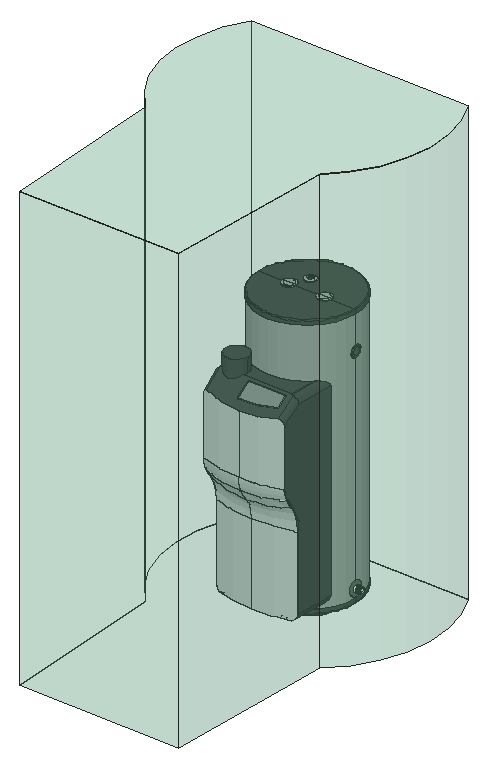
Revit family "Innovo NL_IR 24 285 NL NAT", category Mechanical Equipment, Revit 2015
Parameters (values of type "IR-24-285 NL NAT")
  Werkruimte Radius = Diameter + 170 mm  # 730 mm
  Werkruimte Hoogte = Hoogte + 1000 mm  # 2545 mm
  Werkruimte Afstand Voor = 1000 mm
  Werkruimte [instance] = yes
  Voorzorgsmaatregelen tijdens montage, installatie of onderhoud = "zie Gebruikers, Installatie, Service en Onderhouds handleiding"  # constant formula
  Voltage = 230 V  # constant formula
  Verpakkingslengte = 946 mm  # constant formula
  Verpakkingshoogte = 1695 mm
  Verpakkingsbreedte = 786 mm  # constant formula
  Uitsluitend werkend in daluren = no
  Type aanduiding = "IR-20-200"
  Transportgewicht = 122 kg
  Totaal Gewicht = 322 kg
  Stilstandsverlies - dagelijks (24u) = 0 W
  Stilstandsverlies = 0 W
  Standaard Afgesteld op = "G30/G31"
  Stand Regelthermostaat = 65 °C  # constant formula
  Soort Verpakking = "Karton en Hout"  # constant formula
  Slimme controlefunctie = no
  Setpoint thermostaat = 65 °C  # constant formula
  Seizoens Rendement (Hs) = [Rendement (Hs, vlgs. NEN-EN 89 - 1999)]  # 95
  Rendement (Hs, vlgs. NEN-EN 89 - 1999) = 95
  Rendement (Hi, vlgs. NEN-EN 89 - 1999) = 106
  Produktspecificaties Link = ""
  Produkthandleiding Link = ""
  Produkt Model Nummer (EAN-nummer) = "8717449283919"
  Onderhoudsinterval = "12 maanden"  # constant formula
  Nominale Belasting (Onderwaarde) = "20500.0/18000.0"
  Nominale Belasting (Bovenwaarde) = "21200.0/19600.0"
  Nominaal Vermogen = "21200.0/18700.0"
  NOx-uitstoot mg/kWh = "64.0/30.0"
  NOx-uitstoot (lucht vrij, 0% O2) ppm = "39.0/18.0"
  Min. Stand Regelthermostaat = 40 °C  # constant formula
  Max. Werkdruk = 800000.0 Pa
  Max. Stand Regelthermostaat = 85 °C  # constant formula
  Max. Rookgastemperatuur = 61 °C
  Ledig Gewicht = 106 kg
  Kraan Hoogte 02 = if(and(Hoogte = 1745 mm, Diameter = 675 mm), 1518 mm, if(and(Hoogte = 1745 mm, Diameter = 610 mm), 1534 mm, if(Hoogte = 1545 mm, 1328 mm, 1070 mm)))  # 1328 mm
  Kraan Hoogte 01 = if(and(Diameter > 560 mm), 693 mm, 604 mm)  # 604 mm
  Uitschakeldruk LDS < = 115.0 Pa
  URL = "www.aosmith.nl"
  Tapcapaciteit bij ΔT = 70°C  na 90 min. = 490.0 L
  Tapcapaciteit bij ΔT = 70°C  na 60 min. = 370.0 L
  Tapcapaciteit bij ΔT = 70°C  na 30 min. = 250.0 L
  Tapcapaciteit bij ΔT = 70°C  na 120 min. = 610.0 L
  Tapcapaciteit bij ΔT = 55°C  na 90 min. = 640.0 L
  Tapcapaciteit bij ΔT = 55°C  na 60 min. = 490.0 L
  Tapcapaciteit bij ΔT = 55°C  na 30 min. = 340.0 L
  Tapcapaciteit bij ΔT = 55°C  na 120 min. = 790.0 L
  Tapcapaciteit bij ΔT = 50°C  na 90 min. = 710.0 L
  Tapcapaciteit bij ΔT = 50°C  na 60 min. = 540.0 L
  Tapcapaciteit bij ΔT = 50°C  na 30 min. = 380.0 L
  Tapcapaciteit bij ΔT = 50°C na 120 min. = 870.0 L
  Tapcapaciteit bij ΔT = 44°C na 120 min. = 810.0 L
  Tapcapaciteit bij ΔT = 44°C  na 90 min. = 620.0 L
  Tapcapaciteit bij ΔT = 44°C  na 60 min. = 430.0 L
  Tapcapaciteit bij ΔT = 44°C  na 30 min. = 990.0 L
  Tapcapaciteit bij ΔT = 28°C na 90 min. = 1300.0 L
  Tapcapaciteit bij ΔT = 28°C na 60 min. = 990.0 L
  Tapcapaciteit bij ΔT = 28°C na 30 min. = 700.0 L
  Tapcapaciteit bij ΔT = 28°C na 120 min. = 1600.0 L
  Tapcapaciteit Continu bij ΔT = 70°C = 240.0 L/s
  Tapcapaciteit Continu bij ΔT = 55°C = 300.0 L/s
  Tapcapaciteit Continu bij ΔT = 50°C = 330.0 L/s
  Tapcapaciteit Continu bij ΔT = 44°C = 380.0 L/s
  Tapcapaciteit Continu bij ΔT = 28°C = 590.0 L/s
  Opwarmtijd bij ΔT = 70°C = "42"
  Opwarmtijd bij ΔT = 55°C = "33"
  Opwarmtijd bij ΔT = 50°C = "30"
  Opwarmtijd bij ΔT = 44°C = "27"
  Opwarmtijd bij ΔT = 28°C = "17"
  Model = "IR-20-200 NL LP"
  Manufacturer = "A.O. Smith Water Products Company b.v."  # constant formula
  Length = 780 mm  # constant formula
  Jaarlijks elektriciteitsverbruik (2) = "42 kWh"
  Jaarlijks elektriciteitsverbruik (1) = "40 kWh"
  Jaarlijks brandstofverbruik (2) = "21 GJ GCV"
  Jaarlijks brandstofverbruik (1) = "16 GJ GCV"
  Isolatiedikte = 50 mm
  Installatie Typen = "B23/C13/C33/C43/C53/C63"  # constant formula
  Inhoud = 200.0 L
  Hoogte Warm Water Uitlaat = 1545 mm
  Hoogte Rookgasafvoer = 1305 mm
  Hoogte Lucht Inlaat = 1305 mm
  Hoogte Koud Water Inlaat = 170 mm
  Hoogte Gas Aansluiting = 860 mm
  Hoogte = 1545 mm
  Handelsmerk = "A.O. Smith"  # constant formula
  Geluidsniveau dB (A) = "<45"  # constant formula
  Geluidsniveau binnen = "52 dB"
  Gasverbruik - Volume ltr/hr = "n.v.t."
  Gasverbruik - Massa kg/h = "1.60/1.40"
  Gascategorie = "II2EK3B/P"  # constant formula
  Gas Voordruk = 5000.0 Pa
  Gas Aansluiting = 15"  # constant formula
  Garrantie op Tank = "36 maanden"  # constant formula
  Garrantie op Onderdelen = "12 maanden"  # constant formula
  Frequentie = 50 Hz  # constant formula
  Fase = 1
  Fabrikantnummer = "E 7110"  # constant formula
  Energie-efficiëntieklasse voor waterverwarming (2) = "A"
  Energie-efficiëntieklasse voor waterverwarming (1) = "A"  # constant formula
  Energie-efficiëntie voor waterverwarming (2) = "90%"
  Energie-efficiëntie voor waterverwarming (1) = "91%"
  Elektrisch Vermogen (piek) = 85 W
  Elektrisch Vermogen (nominaal) = 36 W
  Diameter Schoorsteen - parallel systeem = "2x80"  # constant formula
  Diameter Schoorsteen - concentrisch systeem = "80/125 mm/mm"  # constant formula
  Diameter Schoorsteen - boiler = "80/125 mm/mm"  # constant formula
  Diameter = 560 mm
  Description = "Condenserende Hoog Rendementsboiler"  # constant formula
  Created By = "http://www.cadcompany.nl/"
  Capaciteitsprofiel = "XL"
  CO2-uitstoot (tol. +/- 1.0) vol% = "11.8/10.0"
  CE-PIN = "0063CQ3037"  # constant formula
  Breedte = Diameter  # 560 mm
  Bestemming / Land = "Nederland"  # constant formula
  BIM Content Developer = "CAD & Company"  # constant formula
  Assembly Code = "D3010"
  Ander capaciteitsprofiel = "XXL"
  Aansluiting Warm Water = 3/4"
  Aansluiting T&P = 3/4"
  Aansluiting Koud Water = 3/4"  # constant formula
  Aansluiting Condensafvoer = 40 mm  # constant formula
  Aansluiting Aftapkraan = 3/4"  # constant formula
  2e Onderhoud (algeheel onderhoud) = "12 maanden na installatie"  # constant formula
  1e Onderhoud (check-up) = "3 maanden na installatie"  # constant formula
Reference planes
  plane 1 "Center (Front/Back)": y = 0
  plane 2: z = 0
  plane 3 "Center (Left/Right)": x = 0
  plane 4 "Pipe": through (-383.901, 912.349, 194.799) normal (-0.0879, -0.0879, 0.9923)
  plane 5 "footing": y = 118.925
  plane 6 "footing front": y = -237.85
  plane 7: x = -280
  plane 8: x = 280
  plane 9: z = 1545
Forms (mm)
  Revolve 1, solid, material "RAL 9005", detail levels medium+fine
    sketch origin (0, -237.85, 0) x (-1, 0, 0) y (0, 0, 1)
      loop
        line (0, 28.9) -> (-15, 28.9) -> (-15, 26.4) -> (-8.671, 26.4) -> (-8.671, 18) -> (-5.686, 18) -> (-6.626, 17.06) -> (-6.626, 12.06) -> (-8.671, 12.06) -> (-8.671, 10) -> (-10.031, 10) -> (-23.271, 5.181)
        arc (-23.271, 5.181) -> (-23.763, 4.836) -> (-24.017, 4.293) r 1.159
        line (-24.017, 4.293) -> (-24.017, 1.03)
        arc (-24.017, 1.03) -> (-23.715, 0.302) -> (-22.986, 0) r 1.03
        line (-22.986, 0) -> (0, 0) -> (0, 28.9)
      axis (0, 28.9) -> (0, 0)
    angle from 0 to 360
  Revolve 2, solid, material "RAL 9005", detail levels medium+fine
    sketch origin (0, 118.925, 0) x (-1, 0, 0) y (0, 0, 1)
      loop
        line (-180.984, 28.9) -> (-195.984, 28.9) -> (-195.984, 26.4) -> (-189.655, 26.4) -> (-189.655, 18) -> (-186.67, 18) -> (-187.61, 17.06) -> (-187.61, 12.06) -> (-189.655, 12.06) -> (-189.655, 10) -> (-191.015, 10) -> (-204.256, 5.181)
        arc (-204.256, 5.181) -> (-204.747, 4.836) -> (-205.001, 4.293) r 1.159
        line (-205.001, 4.293) -> (-205.001, 1.03)
        arc (-205.001, 1.03) -> (-204.699, 0.302) -> (-203.971, 0) r 1.03
        line (-203.971, 0) -> (-180.984, 0) -> (-180.984, 28.9)
      axis (-180.984, 28.9) -> (-180.984, 0)
    angle from 0 to 360
  Revolve 3, solid, material "RAL 9005", detail levels medium+fine
    sketch origin (0, 118.925, 0) x (-1, 0, 0) y (0, 0, 1)
      loop
        line (179.016, 28.9) -> (164.016, 28.9) -> (164.016, 26.4) -> (170.345, 26.4) -> (170.345, 18) -> (173.33, 18) -> (172.39, 17.06) -> (172.39, 12.06) -> (170.345, 12.06) -> (170.345, 10) -> (168.985, 10) -> (155.744, 5.181)
        arc (155.744, 5.181) -> (155.253, 4.836) -> (154.999, 4.293) r 1.159
        line (154.999, 4.293) -> (154.999, 1.03)
        arc (154.999, 1.03) -> (155.301, 0.302) -> (156.029, 0) r 1.03
        line (156.029, 0) -> (179.016, 0) -> (179.016, 28.9)
      axis (179.016, 28.9) -> (179.016, 0)
    angle from 0 to 360
Lines and regions (mm)
  symbolic lines
    curve 1: line (0, 280.06, 0) -> (0, -280.06, 0)
    curve 2: line (-255.06, 0, 0) -> (255.06, 0, 0)
  symbolic lines, style "Workspace"
    curve 3: line (623.261, 380.06, 0) -> (-623.261, 380.06, 0)
    curve 4: arc (-623.261, 380.06, 0) -> (-726.942, -66.745, 0) -> (-543.632, -487.2, 0) r 730
    curve 5: line (-543.632, -487.2, 0) -> (-396.783, -1492.825, 0)
    curve 6: line (-396.783, -1492.825, 0) -> (399.03, -1492.825, 0)
    curve 7: line (399.03, -1492.825, 0) -> (545.76, -484.816, 0)
    curve 8: arc (545.76, -484.816, 0) -> (727.087, -65.154, 0) -> (623.261, 380.06, 0) r 730
Dimensions and locks
  plane 5 "footing" to plane 1 "Center (Front/Back)" = 118.925 mm
  plane 1 "Center (Front/Back)" to plane 6 "footing front" = 237.85 mm
  "Diameter": plane 7 to plane 8
  equal spacing: plane 7, plane 3 "Center (Left/Right)", plane 8
  "Hoogte": plane 9 to plane 2
  "Werkruimte Afstand Voor": curve 6 to nested 3
  "Werkruimte Radius": radius of curve 4
  "Werkruimte Radius": radius of curve 8
  aligned and locked: level to plane 2
  aligned and locked: nested 3 to Revolve 1 sketch curve
  aligned and locked: plane 3 "Center (Left/Right)" to Revolve 1 sketch curve
  aligned and locked: nested 3 to plane 1 "Center (Front/Back)"
  aligned and locked: plane 3 "Center (Left/Right)" to nested 3
  aligned and locked: nested 1 to plane 8
  aligned and locked: nested 5 to plane 8
  aligned and locked: nested 2 to plane 7
  aligned and locked: nested 4 to plane 7
  aligned and locked: nested 7 to plane 7
  aligned and locked: nested 8 to plane 3 "Center (Left/Right)"
  aligned and locked: curve 3 to nested 8
  aligned and locked: nested 8 to nested 3
Automatic sketch dimensions
  Revolve 1 sketch curve to level = 0 mm
  plane 3 "Center (Left/Right)" to Revolve 1 sketch curve = 5.686 mm
  Revolve 1 sketch curve to Revolve 1 sketch curve = 0.94 mm  (x2)
  Revolve 1 sketch curve to Revolve 1 sketch curve = 2.046 mm  (x2)
  Revolve 1 sketch curve to Revolve 1 sketch curve = 1.359 mm
  Revolve 1 sketch curve to Revolve 1 sketch curve = 6.329 mm
  level to Revolve 1 sketch curve = 4.091 mm
  Revolve 1 sketch curve to Revolve 1 sketch curve = 12.844 mm
  level to Revolve 1 sketch curve = 1.03 mm
  Revolve 1 sketch curve to Revolve 1 sketch curve = 0.111 mm
  level to Revolve 1 sketch curve = 5.181 mm
  Revolve 1 sketch curve to Revolve 1 sketch curve = 0.745 mm
  level to Revolve 1 sketch curve = 10 mm
  Revolve 1 sketch curve to Revolve 1 sketch curve = 2.06 mm
  Revolve 1 sketch curve to Revolve 1 sketch curve = 5 mm
  Revolve 1 sketch curve to Revolve 1 sketch curve = 8.4 mm
  Revolve 1 sketch curve to Revolve 1 sketch curve = 2.5 mm
  Revolve 1 sketch curve to level = 19.635 mm
  Revolve 1 sketch curve to Revolve 1 sketch curve = 46.465 mm
  Revolve 2 sketch curve to level = 0 mm
  level to Revolve 2 sketch curve = 1.03 mm
  Revolve 2 sketch curve to plane 8 = 74.999 mm
  level to Revolve 2 sketch curve = 5.181 mm
  Revolve 2 sketch curve to Revolve 2 sketch curve = 0.745 mm
  Revolve 2 sketch curve to Revolve 2 sketch curve = 0.397 mm
  Revolve 2 sketch curve to Revolve 2 sketch curve = 8.271 mm
  Revolve 2 sketch curve to Revolve 2 sketch curve = 13.241 mm
  Revolve 2 sketch curve to Revolve 2 sketch curve = 1.359 mm
  Revolve 2 sketch curve to Revolve 2 sketch curve = 6.329 mm
  Revolve 2 sketch curve to Revolve 2 sketch curve = 2.046 mm
  level to Revolve 2 sketch curve = 18 mm
  Revolve 2 sketch curve to Revolve 2 sketch curve = 0.94 mm  (x2)
  Revolve 2 sketch curve to Revolve 2 sketch curve = 8.671 mm
  Revolve 2 sketch curve to Revolve 2 sketch curve = 1.089 mm
  Revolve 2 sketch curve to Revolve 2 sketch curve = 8 mm
  Revolve 2 sketch curve to Revolve 2 sketch curve = 2.06 mm
  Revolve 2 sketch curve to Revolve 2 sketch curve = 8.4 mm
  Revolve 2 sketch curve to Revolve 2 sketch curve = 2.5 mm
  Revolve 2 sketch curve to Revolve 2 sketch curve = 0 mm
  Revolve 2 sketch curve to level = 19.635 mm
  Revolve 2 sketch curve to Revolve 2 sketch curve = 46.465 mm
  Revolve 3 sketch curve to level = 0 mm
  level to Revolve 3 sketch curve = 1.03 mm
  Revolve 3 sketch curve to plane 7 = 125.001 mm
  level to Revolve 3 sketch curve = 5.181 mm
  Revolve 3 sketch curve to Revolve 3 sketch curve = 0.745 mm
  Revolve 3 sketch curve to Revolve 3 sketch curve = 0.397 mm
  Revolve 3 sketch curve to Revolve 3 sketch curve = 8.271 mm
  Revolve 3 sketch curve to Revolve 3 sketch curve = 13.241 mm
  Revolve 3 sketch curve to Revolve 3 sketch curve = 1.359 mm
  Revolve 3 sketch curve to Revolve 3 sketch curve = 6.329 mm
  Revolve 3 sketch curve to Revolve 3 sketch curve = 2.046 mm
  level to Revolve 3 sketch curve = 18 mm
  Revolve 3 sketch curve to Revolve 3 sketch curve = 0.94 mm  (x2)
  Revolve 3 sketch curve to Revolve 3 sketch curve = 8.671 mm
  Revolve 3 sketch curve to Revolve 3 sketch curve = 1.089 mm
  Revolve 3 sketch curve to Revolve 3 sketch curve = 8 mm
  Revolve 3 sketch curve to Revolve 3 sketch curve = 2.06 mm
  Revolve 3 sketch curve to Revolve 3 sketch curve = 8.4 mm
  Revolve 3 sketch curve to Revolve 3 sketch curve = 2.5 mm
  Revolve 3 sketch curve to Revolve 3 sketch curve = 0 mm
  Revolve 3 sketch curve to level = 19.635 mm
  Revolve 3 sketch curve to Revolve 3 sketch curve = 46.465 mm
  curve 4 to curve 8 = 0 mm  (x2)
  plane 1 "Center (Front/Back)" to curve 2 = 0 mm
  curve 1 to plane 3 "Center (Left/Right)" = 0 mm
  plane 1 "Center (Front/Back)" to curve 4 = 0 mm
  curve 4 to plane 3 "Center (Left/Right)" = 0 mm
  curve 5 to plane 6 "footing front" = 249.35 mm
  plane 7 to curve 5 = 116.783 mm
  plane 8 to curve 7 = 119.03 mm
  curve 7 to plane 6 "footing front" = 246.966 mm
  curve 2 to plane 7 = 24.94 mm
  curve 2 to plane 8 = 24.94 mm
  curve 1 to plane 6 "footing front" = 42.21 mm
  plane 5 "footing" to curve 1 = 161.135 mm
Nested families
  nested 1: "Valve" at (280, -0.38, 1328) x (0, 1, 0) z (0, 0, 1), built-in parameter 1001364 <- "Kraan Hoogte 02", type "Valve"
  nested 2: "Drain Valve" at (-280, 0, 1328), built-in parameter 1001364 <- "Kraan Hoogte 02", type "Drain Valve"
  nested 3: "Housing Mother Housing S 57 (external)" at (0, -274.886, 0), type "Housing Mother_Housing S_57"
  nested 4: "Drain Valve" at (-280, 0, 177), type "Drain Valve"
  nested 5: "Drain Valve" at (280, 0, 107) x (-1, 0, 0) z (0, 0, 1), type "Drain Valve"
  nested 6: "Boiler" at (0, 0, 0), height <- "Hoogte", type "Boiler"
    with height 1545 mm
  nested 7: "Drain Valve" at (-280, 0, 604), built-in parameter 1001364 <- "Kraan Hoogte 01", type "Drain Valve"
  nested 8: "Innovo_workspace" at (0, 0, 0), Workspace <- "Werkruimte", Workspace Distance Front <- "Werkruimte Afstand Voor", Workspace Height <- "Werkruimte Hoogte", Workspace Radius <- "Werkruimte Radius", type "Workspace"
    with Workspace Radius 730 mm, Workspace Height 2545 mm, Workspace Distance Front 1000 mm, Workspace yes, Center to Front 492.825 mm
Connectors
  piping at (314.826, 0, 107), diameter 19.05, driven by "Aansluiting Aftapkraan"
    settings: on nested 5, index 1, connector inside diameter 24", connector length 0 mm, flow factor 0, pipe flow 0.0 L/s, pressure drop 0.0 Pa, fitting loss kfactor 0, connector angle 0.00°, fixture units 0, engagement length 0 mm, angle of deflection 0.00°, flow configuration 0, flow direction 0, fitting loss method 0, system type 19, joint type 0, gender type 0, connector reference index -1, connector utility 0, adjustable connector no, is connector primary yes, connector description ""
  hvac at (-147.013, -321.326, 1310.674)
    settings: on nested 3, index 2, duct flow 0.0 L/s, flow factor 0, pres drop 0.0 Pa, loss coef 0, conn angle 0.00°, conn width 304.8 mm, conn height 304.8 mm, conn diameter 125 mm, duct sys type 4, conn prof type 0, flow config 0, flow direction 0, loss method 0, conn ref index -1, conn util no, is conn primary yes, conn desc ""
Definition of nested family "Valve"
  Parameters (values of type "Valve")
    Type Comments = "T&P valve (internal)"
    Manufacturer = "A.O. Smith"
  Reference planes
    plane 1 "Center (Front/Back)": y = 0
    plane 2: z = 0
    plane 3 "Center (Left/Right)": x = 0
  Forms (mm)
    Extrusion 1, solid, detail levels fine
      sketch origin (0, 0, 0) x (1, 0, 0) y (0, 0, 1)
        loop
          circle (0, 0) r 31.5
      from -2.271 to 1.4
    Sweep 2, solid, detail levels fine
      path origin (0, -1.4, 0) x (1, 0, 0) y (0, 0, 1)
        loop
          circle (0, 0) r 31.5
      profile origin (0, -1.4, 31.5) x (0, 0, -1) y (0, -1, 0)
        loop
          line (7.3, 0) -> (7.3, 3) -> (0, 0) -> (7.3, 0)
  Dimensions and locks
    aligned and locked: level to plane 2
Definition of nested family "Drain Valve"
  Reference planes
    plane 1 "Center (Front/Back)": y = 0
    plane 2: z = 0
    plane 3 "Center (Left/Right)": x = 0
  Forms (mm)
    Revolve 1, solid, detail levels medium+fine
      sketch origin (0, 0, 0) x (1, 0, 0) y (0, 0, 1)
        loop
          line (-33.442, 15.696) -> (-34.826, 14.329) -> (-34.93, 12.731) -> (-16.555, 12.731) -> (-16.555, 0) -> (15.787, 0) -> (15.787, 18.3) -> (-14.4, 18.3) -> (-17.148, 15.533) -> (-18.729, 16.697) -> (-20.091, 15.333) -> (-21.672, 16.496) -> (-23.034, 15.133) -> (-24.614, 16.296) -> (-25.976, 14.932) -> (-27.557, 16.096) -> (-28.919, 14.732) -> (-30.5, 15.896) -> (-31.862, 14.532) -> (-33.442, 15.696)
        axis (-34.93, 0) -> (15.787, 0)
      angle from 0 to 360
  Dimensions and locks
    aligned and locked: level to plane 2
  Nested families
    nested 1: "Rubber sealing" at (2.592, -0.155, 0) x (0.0023, -1, 0) z (0, 0, 1), type "Rubber sealing", detail levels fine
  Definition of nested family "Rubber sealing"
    Reference planes
      plane 1 "Center (Front/Back)": y = 0
      plane 2: z = 0
      plane 3 "Center (Left/Right)": x = 0
    Forms (mm)
      Extrusion 1, solid, detail levels fine
        sketch origin (141.861, 319.581, 0) x (1, 0, 0) y (0, 1, 0)
          loop
            line (-216.354, -311.898) -> (-216.354, -313.94)
            arc (-216.354, -313.94) -> (-141.602, -321.581) -> (-66.861, -313.835) r 366.966
            line (-66.861, -313.835) -> (-66.861, -311.791)
            arc (-66.861, -311.791) -> (-141.602, -319.581) -> (-216.354, -311.898) r 364.966
        from -80 to 80
      Extrusion 2, void
        sketch origin (141.861, 319.581, 0) x (1, 0, 0) y (0, 0, 1)
          loop
            circle (-141.861, 0) r 13
          loop
            circle (-141.861, 0) r 110
          loop
            circle (-141.861, 0) r 40
        from 311.563 to 332.684
      Extrusion 3, void
        sketch origin (141.861, 319.581, 0) x (1, 0, 0) y (0, 0, 1)
          loop
            circle (-141.861, 0) r 18.25
        from 315.524 to 326.084
    Cuts and joins
      Extrusion 2, Extrusion 3 cuts Extrusion 1
    Dimensions and locks
      aligned and locked: level to plane 2
Definition of nested family "Housing Mother Housing S 57 (external)"
  Parameters (values of type "Housing Mother_Housing S_57")
    radius [instance] = 280 mm
    distance to boiler center = if(diameter = 675 mm, 189 mm, if(diameter = 610 mm, 154 mm, 129 mm))  # 129 mm
    diameter = 560 mm
  Reference planes
    plane 1 "Center (Front/Back)": y = 0
    plane 2: z = 0
    plane 3 "Center (Left/Right)": x = 0
    plane 4 "left": through (-245.286, 145.886, 1200) normal (0.9994, 0.0349, 0)
    plane 5: y = -217.939
    plane 6: y = 145.886
    plane 7: z = 1232.6
    plane 8: z = 65.89
    plane 9 "right": through (245.286, 145.886, 1200) normal (0.9994, -0.0349, 0)
    plane 10 "display": through (0, -90.37, 1221.196) normal (0, -0.5736, 0.8192)
    plane 11 "Potentiostat": z = 867.899
    plane 12 "boiler center": y = 274.886
    plane 13: x = -280
    plane 14: x = 280
  Forms (mm)
    Extrusion 1, solid
      sketch origin (0, 0, 0) x (1, 0, 0) y (0, 1, 0)
        loop
          line (-245.286, 145.886) -> (-232.581, -217.939) -> (232.581, -217.939) -> (245.286, 145.886)
          arc (245.286, 145.886) -> (0, 0.923) -> (-245.286, 145.886) r 280
      from 0 to 1232.6
    Sweep 2, void
      path origin (0, 0, 0) x (0, 1, 0) y (0, 0, 1)
        loop
          line (-217.939, 1232.6) -> (-217.939, 795.555)
          arc (-217.939, 795.555) -> (-212.387, 754.285) -> (-197.694, 715.322) r 183.924
          arc (-197.694, 715.322) -> (-179.915, 684.628) -> (-159.106, 655.901) r 348.284
          arc (-159.106, 655.901) -> (-131.411, 600.328) -> (-121.88, 538.973) r 202.254
          line (-121.88, 538.973) -> (-121.88, 61.106)
      profile origin (0, -217.939, 1014.077) x (1, 0, 0) y (0, 1, 0)
        loop
          arc (0, 0) -> (-117.533, 9.941) -> (-231.728, 39.475) r 699.984
          arc (-231.728, 39.475) -> (-233.391, 40.705) -> (-234.07, 42.659) r 3.505
          line (-234.07, 42.659) -> (-254.062, 42.659) -> (-254.062, -142.593) -> (254.07, -142.593) -> (254.07, 42.659) -> (234.07, 42.659)
          arc (234.07, 42.659) -> (233.391, 40.705) -> (231.728, 39.475) r 3.505
          arc (231.728, 39.475) -> (117.533, 9.941) -> (0, 0) r 699.984
    Extrusion 3, void
      sketch origin (0, 0, 0) x (0, 1, 0) y (0, 0, 1)
        loop
          arc (102.864, 70.869) -> (99.804, 70.709) -> (96.874, 69.813) r 12.57
          arc (96.874, 69.813) -> (87.878, 66.533) -> (78.516, 64.529) r 69.114
          arc (78.516, 64.529) -> (76.41, 64.284) -> (74.294, 64.148) r 41.206
          arc (74.294, 64.148) -> (65.203, 64.335) -> (56.122, 64.782) r 318.661
          arc (56.122, 64.782) -> (30.585, 66.179) -> (5.028, 67.128) r 1456.581
          line (5.028, 67.128) -> (-84.534, 73.135)
          arc (-84.534, 73.135) -> (-86.363, 73.808) -> (-87.536, 75.365) r 3.455
          line (-87.536, 75.365) -> (-264.473, 75.365) -> (-264.473, 0) -> (160.886, 0) -> (160.886, 103.945) -> (145.886, 103.945)
          arc (145.886, 103.945) -> (145.104, 97.827) -> (142.923, 92.059) r 26.364
          arc (142.923, 92.059) -> (141.067, 88.936) -> (138.867, 86.045) r 31.715
          arc (138.867, 86.045) -> (135.576, 82.49) -> (132.021, 79.2) r 62.615
          arc (132.021, 79.2) -> (125.841, 74.697) -> (119.091, 71.103) r 54.444
          arc (119.091, 71.103) -> (116.371, 70.272) -> (113.531, 70.123) r 11.669
          line (113.531, 70.123) -> (102.864, 70.869)
      from -254.062 to 254.07
    Sweep 4, void
      path origin (0, 0, 0) x (1, 0, 0) y (0, 1, 0)
        loop
          line (-245.286, 145.886) -> (-232.581, -217.939)
      profile origin (-238.933, -36.027, 0) x (0.999391, 0.034899, 0) y (0, 0, 1)
        loop
          line (-4.454, 0) -> (47.084, 0) -> (47.084, 73.431)
          arc (47.084, 73.431) -> (14.222, 85.134) -> (0.255, 117.1) r 43.922
          line (0.255, 117.1) -> (-4.454, 117.1) -> (-4.454, 0)
    Sweep 5, void
      path origin (0, 0, 0) x (-1, 0, 0) y (0, 1, 0)
        loop
          line (-245.286, 145.886) -> (-232.581, -217.939)
      profile origin (238.933, -36.027, 0) x (0.999391, -0.034899, 0) y (0, 0, 1)
        loop
          line (4.454, 0) -> (4.454, 117.1) -> (-0.255, 117.1)
          arc (-0.255, 117.1) -> (-14.222, 85.134) -> (-47.084, 73.431) r 43.922
          line (-47.084, 73.431) -> (-47.084, 0) -> (4.454, 0)
    Sweep 6, void
      path origin (-239.899, -8.377, 0) x (-0.034899, 0.999391, 0) y (0, 0, 1)
        loop
          line (-209.69, 1141.272) -> (-79.18, 1232.6) -> (154.358, 1232.6)
      profile origin (-241.211, 29.188, 1232.6) x (0, 0, 1) y (0.999391, 0.034899, 0)
        loop
          line (-45, -30) -> (75, -30) -> (75, 0) -> (75, 55) -> (2.799, 55) -> (-1.253, 35.128)
          arc (-1.253, 35.128) -> (-16.771, 9.564) -> (-45, -0.308) r 44.287
          line (-45, -0.308) -> (-45, -30)
    Sweep 7, void
      path origin (239.899, -8.377, 0) x (0.034899, 0.999391, 0) y (0, 0, 1)
        loop
          line (-209.69, 1141.272) -> (-79.18, 1232.6) -> (154.358, 1232.6)
      profile origin (241.211, 29.188, 1232.6) x (0, 0, -1) y (-0.999391, 0.034899, 0)
        loop
          line (-75, -25) -> (45, -25) -> (45, -0.308)
          arc (45, -0.308) -> (16.771, 9.564) -> (1.253, 35.128) r 44.287
          line (1.253, 35.128) -> (-2.799, 55) -> (-75, 55) -> (-75, -25)
    Extrusion 8, void
      sketch origin (0, 0, 0) x (0, 1, 0) y (0, 0, 1)
        loop
          line (-270, 1336.099) -> (-270, 1099.081) -> (68.497, 1336.099) -> (-270, 1336.099)
      from -425.038 to 444.42
    Extrusion 9, solid, detail levels medium+fine
      sketch origin (0, 0, 0) x (1, 0, 0) y (0, 1, 0)
        loop
          circle (-147.013, -46.44) r 65
      from 1163.174 to 1310.674
    Extrusion 10, void
      sketch origin (0, -603.506, 861.895) x (0, 0.819152, 0.573576) y (-1, 0, 0)
        loop
          arc (618.322, -173) -> (623.272, -170.95) -> (625.322, -166) r 7
          line (625.322, -166) -> (625.322, 35)
          arc (625.322, 35) -> (623.272, 39.95) -> (618.322, 42) r 7
          line (618.322, 42) -> (535.473, 42)
          arc (535.473, 42) -> (530.688, 40.11) -> (528.488, 35.46) r 7
          arc (528.488, 35.46) -> (531.569, -67.592) -> (554.18, -168.18) r 540
          arc (554.18, -168.18) -> (556.724, -171.668) -> (560.831, -173) r 7
          line (560.831, -173) -> (618.322, -173)
      from 0 to 137.286
    Sweep 11, solid, detail levels fine
      path origin (0, 0, 867.899) x (-1, 0, 0) y (0, -1, 0)
        loop
          line (309.749, -35.617) -> (204.371, -35.617)
          arc (204.371, -35.617) -> (196.509, -34.687) -> (189.082, -31.947) r 33.677
          line (189.082, -31.947) -> (-9.574, 69.274)
      profile origin (-257.06, 35.617, 867.899) x (0, 1, 0) y (0, 0, 1)
        loop
          circle (0, 0) r 7.316
        loop
          circle (0, 0) r 6.465
    Revolve 12, void
      sketch origin (0, 274.886, 0) x (-1, 0, 0) y (0, 0, 1)
        loop
          line (280, 1243.838) -> (0, 1243.838) -> (0, 54.9) -> (280, 54.9) -> (280, 1243.838)
        axis (0, 1243.838) -> (0, 54.9)
      angle from 0 to 360
  Cuts and joins
    Sweep 2, Extrusion 3, Sweep 4, Sweep 5, Sweep 6, Sweep 7, Extrusion 8, Extrusion 10, Revolve 12 cuts Extrusion 1
  Dimensions and locks
    plane 8 to plane 2 = 65.89 mm
    plane 7 to plane 8 = 1166.71 mm
    "distance to boiler center": plane 12 "boiler center" to plane 6
    "diameter": plane 14 to plane 13
    equal spacing: plane 14, plane 3 "Center (Left/Right)", plane 13
    "radius": plane 3 "Center (Left/Right)" to plane 13
    aligned and locked: level to plane 2
    aligned and locked: Extrusion 1 to plane 7
    aligned and locked: Extrusion 1 sketch curve to plane 5
    aligned and locked: Sweep 2 to Extrusion 3
    aligned and locked: Extrusion 3 to Sweep 2  (x2)
    aligned and locked: plane 7 to Sweep 2 sketch curve
    aligned and locked: plane 3 "Center (Left/Right)" to Revolve 12 sketch curve
    aligned and locked: Revolve 12 sketch curve to plane 3 "Center (Left/Right)"
    aligned and locked: plane 13 to Revolve 12 sketch curve
  Automatic sketch dimensions
    Extrusion 1 sketch curve to plane 4 "left" = 0 mm  (x2)
    Extrusion 1 sketch curve to plane 6 = 0 mm  (x2)
    Extrusion 1 sketch curve to plane 3 "Center (Left/Right)" = 0 mm
    Extrusion 1 sketch curve to plane 9 "right" = 0 mm
    plane 6 to Extrusion 1 sketch curve = 135.037 mm
    Sweep 2 sketch curve to plane 5 = 0 mm
    plane 5 to Sweep 2 sketch curve = 106.195 mm
    Sweep 2 sketch curve to plane 5 = 96.059 mm
    plane 1 "Center (Front/Back)" to Sweep 2 sketch curve = 34.053 mm
    plane 11 "Potentiostat" to Sweep 2 sketch curve = 6.417 mm
    Sweep 2 sketch curve to plane 6 = 33.705 mm
    Sweep 2 sketch curve to plane 11 "Potentiostat" = 68.615 mm
    Sweep 2 sketch curve to plane 11 "Potentiostat" = 72.345 mm
    Sweep 2 sketch curve to Sweep 2 sketch curve = 176.349 mm
    Sweep 2 sketch curve to Sweep 2 sketch curve = 0 mm  (x2)
    plane 8 to Sweep 2 sketch curve = 4.784 mm
    Extrusion 3 sketch curve to level = 0 mm
    Extrusion 3 sketch curve to plane 6 = 0 mm
    Extrusion 3 sketch curve to plane 6 = 26.363 mm
    Extrusion 3 sketch curve to Extrusion 3 sketch curve = 4.75 mm
    Extrusion 3 sketch curve to Extrusion 3 sketch curve = 5.179 mm
    Extrusion 3 sketch curve to plane 8 = 4.232 mm
    Extrusion 3 sketch curve to Extrusion 3 sketch curve = 0.814 mm
    Extrusion 3 sketch curve to plane 8 = 4.978 mm
    Extrusion 3 sketch curve to Extrusion 3 sketch curve = 10.667 mm
    Extrusion 3 sketch curve to Extrusion 3 sketch curve = 0.877 mm
    Extrusion 3 sketch curve to Extrusion 3 sketch curve = 17.827 mm
    Extrusion 3 sketch curve to Extrusion 3 sketch curve = 5.646 mm
    Extrusion 3 sketch curve to plane 6 = 69.562 mm
    Extrusion 3 sketch curve to Extrusion 3 sketch curve = 18.6 mm
    Extrusion 3 sketch curve to Extrusion 3 sketch curve = 22.538 mm
    Extrusion 3 sketch curve to plane 8 = 1.238 mm
    Extrusion 3 sketch curve to plane 1 "Center (Front/Back)" = 5.028 mm
    plane 1 "Center (Front/Back)" to Extrusion 3 sketch curve = 36.224 mm
    Extrusion 3 sketch curve to plane 8 = 10.692 mm
    plane 1 "Center (Front/Back)" to Extrusion 3 sketch curve = 84.302 mm
    Extrusion 3 sketch curve to plane 8 = 7.244 mm
    Extrusion 3 sketch curve to Extrusion 3 sketch curve = 0.231 mm
    Extrusion 3 sketch curve to Extrusion 3 sketch curve = 3.234 mm
    plane 5 to Extrusion 3 sketch curve = 46.534 mm
    plane 6 to Extrusion 3 sketch curve = 15 mm
    Extrusion 3 sketch curve to level = 1388.869 mm
    plane 8 to Extrusion 3 sketch curve = 7.561 mm
    Extrusion 3 sketch curve to Extrusion 3 sketch curve = 11.64 mm
    Extrusion 3 sketch curve to plane 8 = 38.054 mm
    Extrusion 3 sketch curve to Extrusion 3 sketch curve = 22.442 mm
    Extrusion 3 sketch curve to plane 8 = 39.432 mm
    Extrusion 3 sketch curve to Extrusion 3 sketch curve = 2.466 mm
    Extrusion 3 sketch curve to Extrusion 3 sketch curve = 14.17 mm
    Extrusion 3 sketch curve to Extrusion 3 sketch curve = 5.925 mm
    Extrusion 3 sketch curve to Extrusion 3 sketch curve = 6.186 mm
    Extrusion 3 sketch curve to Extrusion 3 sketch curve = 249.85 mm
    Extrusion 3 sketch curve to Extrusion 3 sketch curve = 0 mm  (x4)
    Extrusion 3 sketch curve to Extrusion 3 sketch curve = 6.845 mm
    plane 8 to Extrusion 3 sketch curve = 1.743 mm
    Sweep 4 sketch curve to plane 4 "left" = 0 mm  (x2)
    Sweep 4 sketch curve to plane 6 = 0 mm
    plane 5 to Sweep 4 sketch curve = 0 mm
    Sweep 4 sketch curve to level = 0 mm
    profile plane to Sweep 4 sketch curve = 4.454 mm
    Sweep 4 sketch curve to profile plane = 0.255 mm
    Sweep 4 sketch curve to Sweep 4 sketch curve = 43.922 mm
    Sweep 4 sketch curve to profile plane = 47.084 mm
    level to Sweep 4 sketch curve = 73.431 mm
    Sweep 4 sketch curve to Sweep 4 sketch curve = 43.669 mm
    Sweep 5 sketch curve to plane 6 = 0 mm
    Sweep 5 sketch curve to plane 9 "right" = 0 mm  (x2)
    plane 5 to Sweep 5 sketch curve = 0 mm
    Sweep 5 sketch curve to level = 0 mm
    profile plane to Sweep 5 sketch curve = 47.084 mm
    Sweep 5 sketch curve to Sweep 5 sketch curve = 2.907 mm
    profile plane to Sweep 5 sketch curve = 0.255 mm
    Sweep 5 sketch curve to profile plane = 4.454 mm
    level to Sweep 5 sketch curve = 73.431 mm
    Sweep 5 sketch curve to Sweep 5 sketch curve = 43.669 mm
    Sweep 6 sketch curve to plane 7 = 0 mm
    plane 7 to Sweep 6 sketch curve = 91.328 mm
    Sweep 6 sketch curve to Sweep 6 sketch curve = 130.509 mm
    Sweep 6 sketch curve to Sweep 6 sketch curve = 233.538 mm
    Sweep 6 sketch curve to plane 4 "left" = 0 mm
    profile plane to Sweep 6 sketch curve = 45 mm
    Sweep 6 sketch curve to Sweep 6 sketch curve = 0.354 mm
    profile plane to Sweep 6 sketch curve = 1.253 mm
    Sweep 6 sketch curve to profile plane = 2.799 mm
    Sweep 6 sketch curve to Sweep 6 sketch curve = 72.201 mm
    Sweep 6 sketch curve to plane 4 "left" = 0.308 mm
    Sweep 6 sketch curve to Sweep 6 sketch curve = 29.692 mm
    plane 4 "left" to Sweep 6 sketch curve = 35.128 mm
    plane 4 "left" to Sweep 6 sketch curve = 55 mm
    Sweep 7 sketch curve to plane 7 = 0 mm
    Sweep 7 sketch curve to plane 7 = 91.328 mm
    Sweep 7 sketch curve to Sweep 7 sketch curve = 130.509 mm
    Sweep 7 sketch curve to Sweep 7 sketch curve = 233.538 mm
    Sweep 7 sketch curve to plane 9 "right" = 25 mm
    profile plane to Sweep 7 sketch curve = 75 mm
    profile plane to Sweep 7 sketch curve = 2.799 mm
    Sweep 7 sketch curve to profile plane = 1.253 mm
    Sweep 7 sketch curve to Sweep 7 sketch curve = 43.393 mm
    Sweep 7 sketch curve to profile plane = 45 mm
    Sweep 7 sketch curve to plane 9 "right" = 0.308 mm
    plane 9 "right" to Sweep 7 sketch curve = 35.128 mm
    Sweep 7 sketch curve to Sweep 7 sketch curve = 19.872 mm
    plane 5 to Extrusion 8 sketch curve = 52.061 mm
    Extrusion 8 sketch curve to plane 1 "Center (Front/Back)" = 68.497 mm
    plane 7 to Extrusion 8 sketch curve = 133.519 mm
    Extrusion 8 sketch curve to plane 7 = 103.499 mm
    plane 1 "Center (Front/Back)" to Extrusion 9 sketch curve = 46.44 mm
    Extrusion 9 sketch curve to plane 3 "Center (Left/Right)" = 147.013 mm
    Extrusion 10 sketch curve to plane 3 "Center (Left/Right)" = 0 mm
    Extrusion 10 sketch curve to plane 3 "Center (Left/Right)" = 35 mm
    Extrusion 10 sketch curve to Extrusion 10 sketch curve = 25.359 mm
    Extrusion 10 sketch curve to Extrusion 10 sketch curve = 57.491 mm
    Extrusion 10 sketch curve to plane 3 "Center (Left/Right)" = 42 mm
    Extrusion 10 sketch curve to Extrusion 10 sketch curve = 82.85 mm
    Extrusion 10 sketch curve to Extrusion 10 sketch curve = 7 mm
    Extrusion 10 sketch curve to Extrusion 10 sketch curve = 442 mm
    plane 3 "Center (Left/Right)" to Extrusion 10 sketch curve = 166 mm
    Extrusion 10 sketch curve to Extrusion 10 sketch curve = 0 mm  (x2)
    Sweep 11 sketch curve to plane 1 "Center (Front/Back)" = 31.947 mm
    Sweep 11 sketch curve to plane 3 "Center (Left/Right)" = 189.082 mm
    Sweep 11 sketch curve to plane 1 "Center (Front/Back)" = 1.94 mm
    Sweep 11 sketch curve to Sweep 11 sketch curve = 15.289 mm
    plane 3 "Center (Left/Right)" to Sweep 11 sketch curve = 9.574 mm
    Sweep 11 sketch curve to Sweep 11 sketch curve = 105.378 mm
    plane 1 "Center (Front/Back)" to Sweep 11 sketch curve = 69.274 mm
    Sweep 11 sketch curve to Sweep 11 sketch curve = 0 mm  (x2)
    Sweep 11 sketch curve to plane 11 "Potentiostat" = 0 mm
    Sweep 11 sketch curve to profile plane = 0 mm
    plane 8 to Revolve 12 sketch curve = 10.99 mm
    Revolve 12 sketch curve to plane 7 = 11.238 mm
    Revolve 12 sketch curve to level = 366.045 mm
    Revolve 12 sketch curve to Revolve 12 sketch curve = 971.917 mm
    Sweep 2 sketch curve to plane 3 "Center (Left/Right)" = 0 mm
    profile plane to Sweep 2 sketch curve = 0 mm
    Sweep 2 sketch curve to plane 3 "Center (Left/Right)" = 0.016 mm
    Sweep 2 sketch curve to profile plane = 42.782 mm  (x2)
    Sweep 2 sketch curve to plane 3 "Center (Left/Right)" = 230.568 mm
    plane 3 "Center (Left/Right)" to Sweep 2 sketch curve = 0.016 mm
    plane 3 "Center (Left/Right)" to Sweep 2 sketch curve = 230.568 mm
    Sweep 2 sketch curve to Sweep 2 sketch curve = 3.502 mm  (x2)
    Sweep 2 sketch curve to Sweep 2 sketch curve = 20 mm
    profile plane to Sweep 2 sketch curve = 142.593 mm
    Sweep 2 sketch curve to Sweep 2 sketch curve = 0.122 mm  (x2)
    Sweep 2 sketch curve to Sweep 2 sketch curve = 657.203 mm
    Sweep 2 sketch curve to Sweep 2 sketch curve = 19.991 mm
    radius of Extrusion 9 sketch curve = 65 mm
    radius of Sweep 11 sketch curve = 7.316 mm
    radius of Sweep 11 sketch curve = 6.465 mm
  Nested families
    nested 1: "display" at (65.5, -130.939, 1192.79) x (-1, 0, 0) z (0, -0.5736, 0.8192), type "display"
  Definition of nested family "display"
    Parameters (values of type "display")
      Default Elevation = 1219.2 mm
    Reference planes
      plane 1 "Center (Front/Back)": y = 0
      plane 2: z = 0
      plane 3 "Center (Left/Right)": x = 0
    Forms (mm)
      Extrusion 1, solid, detail levels medium+fine
        sketch origin (-16.958, 11.842, -343.878) x (1, 0, 0) y (0, 0, -1)
          loop
            line (-233.523, -343.878) -> (-233.523, -346.592) -> (332.686, -346.592) -> (332.686, -343.878) -> (-233.523, -343.878)
        from -228.7 to 150.822
      Extrusion 2, void
        sketch origin (-16.958, 6.842, -343.878) x (1, 0, 0) y (0, 1, 0)
          loop
            line (-233.523, 155.822) -> (-233.523, -223.7) -> (332.686, -223.7) -> (332.686, 155.822) -> (-233.523, 155.822)
          loop
            arc (-90.542, -48.267) -> (-88.492, -53.216) -> (-83.542, -55.267) r 7
            line (-83.542, -55.267) -> (117.458, -55.267)
            arc (117.458, -55.267) -> (122.408, -53.216) -> (124.458, -48.267) r 7
            line (124.458, -48.267) -> (124.458, 34.583)
            arc (124.458, 34.583) -> (122.568, 39.368) -> (117.918, 41.568) r 7
            arc (117.918, 41.568) -> (14.866, 38.487) -> (-85.722, 15.876) r 540
            arc (-85.722, 15.876) -> (-89.21, 13.332) -> (-90.542, 9.224) r 7
            line (-90.542, 9.224) -> (-90.542, -48.267)
        from 328.878 to 363.083
    Cuts and joins
      Extrusion 2 cuts Extrusion 1
    Dimensions and locks
      aligned and locked: level to plane 2
Definition of nested family "Boiler"
  Parameters (values of type "Boiler")
    radius [instance] = 280 mm
    height [instance] = 1270 mm
    Diameter = 560 mm
  Reference planes
    plane 1 "Center (Front/Back)": y = 0
    plane 2: z = 0
    plane 3 "Center (Left/Right)": x = 0
    plane 4: z = 1243.838
    plane 5: z = 1270
    plane 6 "bottom": z = 28.9
    plane 7: z = 54.9
    plane 8 "top controle": y = 88
    plane 9: x = -280
    plane 10: x = 280
  Forms (mm)
    Revolve 1, solid
      sketch origin (0, 0, 0) x (1, 0, 0) y (0, 0, 1)
        loop
          line (0, 54.9) -> (-280, 54.9) -> (-280, 32.9)
          arc (-280, 32.9) -> (-278.828, 30.072) -> (-276, 28.9) r 4
          line (-276, 28.9) -> (0, 28.9) -> (0, 54.9)
        axis (0, 28.9) -> (0, 54.9)
      angle from 0 to 360
    Revolve 2, solid
      sketch origin (1.311, 0, 0) x (1, 0, 0) y (0, 0, 1)
        loop
          line (-278.86, 1243.838) -> (-278.86, 54.9) -> (-1.311, 54.9) -> (-1.311, 1243.838) -> (-278.86, 1243.838)
        axis (-1.311, 1243.838) -> (-1.311, 54.9)
      angle from 0 to 360
    Revolve 3, solid
      sketch origin (-9.205, 0, 377.212) x (-1, 0, 0) y (0, 0, 1)
        loop
          line (-148.904, 892.788) -> (-110.805, 892.788) -> (-110.805, 895.963) -> (-141.883, 895.963) -> (-148.904, 893.62) -> (-148.904, 892.788)
        axis (-110.805, 892.788) -> (-110.805, 895.963)
      angle from 0 to 360
    Revolve 4, solid
      sketch origin (0, 0, 718.065) x (1, 0, 0) y (0, 0, -1)
        loop
          line (0, -525.773) -> (-280, -525.773) -> (-280, -547.935)
          arc (-280, -547.935) -> (-278.828, -550.763) -> (-276, -551.935) r 4
          line (-276, -551.935) -> (0, -551.935) -> (0, -525.773)
        axis (0, -551.935) -> (0, -525.773)
      angle from 0 to 360
    Revolve 5, solid
      sketch origin (0, 88, 0) x (1, 0, 0) y (0, 0, 1)
        loop
          line (-19.051, 1270) -> (-19.051, 1271.074) -> (-32.63, 1275.604) -> (-32.63, 1271.117) -> (-37.266, 1271.117) -> (-38.383, 1270) -> (-19.051, 1270)
        axis (-50.8, 1270) -> (-50.8, 1275.604)
      angle from 0 to 360
    Revolve 6, solid
      sketch origin (-217.12, 0, 372.245) x (-1, 0, 0) y (0, 0, 1)
        loop
          line (-153.622, 897.755) -> (-115.52, 897.755) -> (-115.52, 900.93) -> (-146.626, 900.93) -> (-153.622, 898.596) -> (-153.622, 897.755)
        axis (-115.52, 897.755) -> (-115.52, 900.93)
      angle from 0 to 360
  Dimensions and locks
    "height": plane 5 to plane 2
    plane 6 "bottom" to plane 2 = 28.9 mm
    locked: plane 5 to plane 4 at 26.162
    locked: plane 1 "Center (Front/Back)" to plane 8 "top controle" at 88
    "Diameter": plane 10 to plane 9
    equal spacing: plane 10, plane 3 "Center (Left/Right)", plane 9
    "radius": plane 3 "Center (Left/Right)" to plane 9
    locked: plane 9 to Revolve 2 sketch curve at 2.452
    aligned and locked: level to plane 2
    aligned and locked: Revolve 2 sketch curve to plane 7
    aligned and locked: Revolve 2 sketch curve to plane 4
    aligned and locked: Revolve 1 sketch curve to plane 7
    aligned and locked: plane 6 "bottom" to Revolve 1 sketch curve
    aligned and locked: Revolve 4 sketch curve to plane 3 "Center (Left/Right)"
    aligned and locked: plane 5 to Revolve 4 sketch curve
    aligned and locked: Revolve 4 sketch curve to plane 4
    aligned and locked: plane 9 to Revolve 4 sketch curve
    aligned and locked: Revolve 1 sketch curve to plane 9
    aligned and locked: Revolve 2 sketch curve to plane 3 "Center (Left/Right)"
    aligned and locked: plane 3 "Center (Left/Right)" to Revolve 2 sketch curve
  Automatic sketch dimensions
    Revolve 1 sketch curve to plane 3 "Center (Left/Right)" = 0 mm  (x2)
    Revolve 1 sketch curve to Revolve 1 sketch curve = 4 mm
    Revolve 1 sketch curve to level = 40 mm
    Revolve 1 sketch curve to Revolve 1 sketch curve = 305.1 mm
    Revolve 2 sketch curve to level = 366.045 mm
    Revolve 2 sketch curve to plane 5 = 945.755 mm
    Revolve 3 sketch curve to plane 5 = 0 mm
    Revolve 3 sketch curve to plane 3 "Center (Left/Right)" = 139.699 mm
    plane 5 to Revolve 3 sketch curve = 3.175 mm
    Revolve 3 sketch curve to Revolve 3 sketch curve = 7.022 mm
    Revolve 3 sketch curve to Revolve 3 sketch curve = 31.078 mm
    Revolve 3 sketch curve to Revolve 3 sketch curve = 0.832 mm
    Revolve 3 sketch curve to Revolve 3 sketch curve = 0 mm
    Revolve 3 sketch curve to Revolve 3 sketch curve = 2.338 mm
    Revolve 3 sketch curve to Revolve 3 sketch curve = 4.487 mm
    Revolve 4 sketch curve to plane 3 "Center (Left/Right)" = 0 mm
    Revolve 4 sketch curve to Revolve 4 sketch curve = 4 mm
    Revolve 4 sketch curve to Revolve 4 sketch curve = 68.738 mm
    Revolve 4 sketch curve to Revolve 4 sketch curve = 305.1 mm
    Revolve 6 sketch curve to plane 5 = 0 mm
    plane 3 "Center (Left/Right)" to Revolve 6 sketch curve = 63.497 mm
    plane 5 to Revolve 6 sketch curve = 3.175 mm
    Revolve 6 sketch curve to Revolve 6 sketch curve = 6.997 mm
    Revolve 6 sketch curve to Revolve 6 sketch curve = 31.106 mm
    Revolve 6 sketch curve to Revolve 6 sketch curve = 0.84 mm
    Revolve 6 sketch curve to Revolve 6 sketch curve = 0 mm
    Revolve 6 sketch curve to Revolve 6 sketch curve = 7.216 mm
    Revolve 6 sketch curve to Revolve 6 sketch curve = 0.391 mm
    Revolve 5 sketch curve to Revolve 5 sketch curve = 13.578 mm
    Revolve 5 sketch curve to Revolve 5 sketch curve = 1.074 mm
    Revolve 5 sketch curve to Revolve 5 sketch curve = 12.417 mm
    Revolve 5 sketch curve to Revolve 5 sketch curve = 5.753 mm
    Revolve 5 sketch curve to plane 5 = 1.117 mm
    Revolve 5 sketch curve to Revolve 5 sketch curve = 1.117 mm
    plane 5 to Revolve 5 sketch curve = 4.396 mm
    Revolve 5 sketch curve to plane 5 = 0 mm
    Revolve 5 sketch curve to Revolve 5 sketch curve = 4.487 mm
    Revolve 5 sketch curve to plane 3 "Center (Left/Right)" = 38.383 mm
    Revolve 5 sketch curve to plane 5 = 5.604 mm
Definition of nested family "Innovo_workspace"
  Parameters (values of type "Workspace")
    Workspace Radius [instance] = 730 mm
    Workspace Height [instance] = 2270 mm
    Workspace Distance Front [instance] = 1000 mm
    Workspace [instance] = yes
    URL = "www.aosmith.nl"
    Model = ""
    Manufacturer = "A.O. Smith Water Products Company b.v."  # constant formula
    Description = ""
    Created By = ""
    Center to Front [instance] = 492.825 mm
    BIM Content Developer = "CAD & Company"  # constant formula
    Assembly Code = ""
  Reference planes
    plane 1 "Center (Front/Back)": y = 0
    plane 2: z = 0
    plane 3 "Center (Left/Right)": x = 0
    plane 4 "Pipe": through (-383.901, 912.349, 194.799) normal (-0.0879, -0.0879, 0.9923)
    plane 5 "front": y = -492.825
  Forms (mm)
    Extrusion 1, solid, visible <- "Workspace"
      sketch origin (0, 0, 0) x (1, 0, 0) y (0, 1, 0)
        loop
          line (456.53, -1492.825) -> (500.201, -531.695)
          arc (500.201, -531.695) -> (723.44, -97.643) -> (623.261, 380.06) r 730
          line (623.261, 380.06) -> (-623.261, 380.06)
          arc (-623.261, 380.06) -> (-723.227, -99.209) -> (-497.893, -533.856) r 730
          line (-497.893, -533.856) -> (-454.283, -1492.825) -> (456.53, -1492.825)
      from 0 to 2270 <- "Workspace Height"
  Lines and regions (mm)
    symbolic lines
      curve 1: line (0, 280.06, 0) -> (0, -280.06, 0)
      curve 2: line (-255.06, 0, 0) -> (255.06, 0, 0)
  Dimensions and locks
    locked: Extrusion 1 sketch curve to curve 1 at 100
    "Workspace Distance Front": plane 5 "front" to Extrusion 1
    "Center to Front": plane 1 "Center (Front/Back)" to plane 5 "front"
    "Workspace Radius": radius of Extrusion 1 sketch curve  (x2)
    aligned and locked: level to plane 2
  Automatic sketch dimensions
    plane 1 "Center (Front/Back)" to curve 2 = 0 mm
    curve 1 to plane 3 "Center (Left/Right)" = 0 mm
    plane 3 "Center (Left/Right)" to curve 2 = 255.06 mm
    curve 1 to plane 1 "Center (Front/Back)" = 280.06 mm
    curve 2 to plane 3 "Center (Left/Right)" = 255.06 mm
    plane 5 "front" to curve 1 = 212.765 mm
    Extrusion 1 sketch curve to Extrusion 1 sketch curve = 0 mm  (x2)
    plane 1 "Center (Front/Back)" to Extrusion 1 sketch curve = 0 mm
    Extrusion 1 sketch curve to plane 3 "Center (Left/Right)" = 0 mm
    Extrusion 1 sketch curve to plane 5 "front" = 41.031 mm
    Extrusion 1 sketch curve to plane 3 "Center (Left/Right)" = 454.283 mm
    plane 3 "Center (Left/Right)" to Extrusion 1 sketch curve = 456.53 mm
    Extrusion 1 sketch curve to plane 5 "front" = 38.869 mm
    Extrusion 1 sketch curve to Extrusion 1 sketch curve = 961.131 mm
